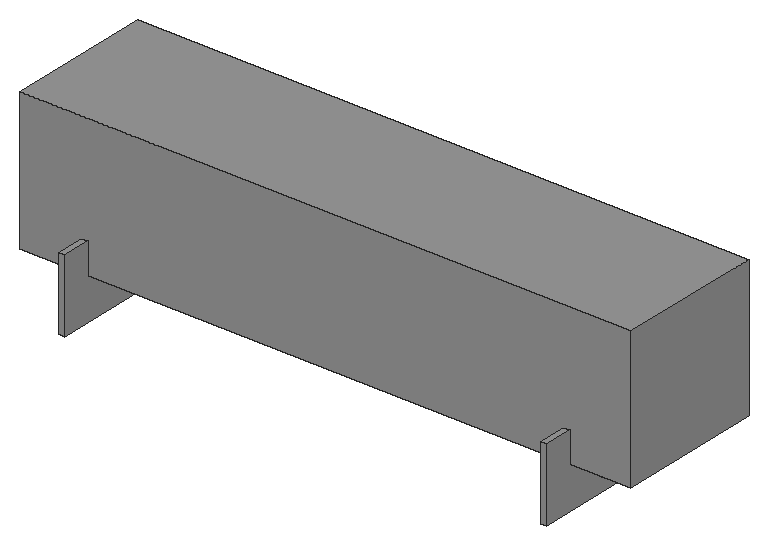
Revit family "Скамейка «Завалинка» Арт 14974", category Антураж, Revit 2018
Family settings
  На основе рабочей плоскости = Нет
  Всегда вертикально = Да
  При загрузке вырезать с полостями = Нет
  Источник визуального образа = Геометрия семейства
  Общий = Нет
  Точка расчета площади = Нет
Parameters (values of type "Скамейка «Завалинка». Версия 2,0 м")
  Ширина = 500 mm  # constant formula
  Цвет опоры = Сталь
  Цвет лавки = Лиственница
  Описание = if([Версия 1,5 м], "Скамейка «Завалинка». Версия 1,5 м", "Скамейка «Завалинка». Версия 2,0 м")  # "Скамейка «Завалинка». Версия 1,5 м"
  Материал изделия = "Сталь, дерево"  # constant formula
  Изображение типоразмера = Скамейка «Завалинка» Арт 14974.jpg
  Изготовитель = "ООО «Хоббика»"  # constant formula
  Длина = if([Версия 1,5 м], 1500 mm, 2000 mm)  # 1500 mm
  Группа модели = "Скамейки"  # constant formula
  Высота = 450 mm  # constant formula
  Версия 2,0 м = not([Версия 1,5 м])  # no
  Версия 1,5 м = yes
  Артикул товара = "Арт. 14974"  # constant formula
  URL = "https://hobbyka.ru/product/skameyka_zavalinka/"
Types (3): name
  (no name)
  Скамейка «Завалинка». Версия 1,5 м
  Скамейка «Завалинка». Версия 2,0 м
Reference planes
  plane 1 "По центру (Вперед/Назад)": y = 0
  plane 2: z = 0
  plane 3 "По центру (Влево/Вправо)": x = 0
  plane 4: y = 500
  plane 5: x = 1500
  plane 6: z = 450
Forms (mm)
  Extrusion 1, solid, material "Лиственница" <- "Цвет лавки"
    sketch origin (0, 0, 0) x (0, 1, 0) y (0, 0, 1)
      loop
        line (430, 450) -> (70, 450) -> (70, 105) -> (430, 105) -> (430, 450)
    from 0 to 1500
Dimensions and locks
  "Длина": plane 3 "По центру (Влево/Вправо)" to plane 5
  "Ширина": plane 4 to plane 1 "По центру (Вперед/Назад)"
  locked: plane 3 "По центру (Влево/Вправо)" to nested 1 at 150
  locked: nested 2 to plane 5 at 150
  "Высота": plane 6 to level
  aligned and locked: level to plane 2
  aligned and locked: Extrusion 1 to plane 3 "По центру (Влево/Вправо)"
  aligned and locked: plane 5 to Extrusion 1
Automatic sketch dimensions
  Extrusion 1 sketch curve to plane 6 = 0 mm
  Extrusion 1 sketch curve to plane 1 "По центру (Вперед/Назад)" = 70 mm
  Extrusion 1 sketch curve to plane 4 = 70 mm
  level to Extrusion 1 sketch curve = 105 mm
Nested families
  nested 1: "Скамейка «Завалинка» Арт 14974 опора" at (150, 0, 0), type "Скамейка «Завалинка» Арт 14974 опора"
  nested 2: "Скамейка «Завалинка» Арт 14974 опора" at (1350, 0, 0) x (-1, 0, 0) z (0, 0, 1), type "Скамейка «Завалинка» Арт 14974 опора"
Definition of nested family "Скамейка «Завалинка» Арт 14974 опора"
  Parameters (values of type "Скамейка «Завалинка» Арт 14974 опора")
    Цвет опор = none
    Height = 0 mm
  Reference planes
    plane 1 "По центру (Вперед/Назад)": y = 0
    plane 2: z = 0
    plane 3 "По центру (Влево/Вправо)": x = 0
  Forms (mm)
    Extrusion 1, solid, material <- "Цвет опор"
      sketch origin (0, 0, 0) x (0, 1, 0) y (0, 0, 1)
        loop
          line (0, 180) -> (0, 0) -> (500, 0) -> (500, 180) -> (0, 180)
      from 0 to 15
    Extrusion 2, solid, material <- "Цвет опор"
      sketch origin (0, 0, 0) x (0, 1, 0) y (0, 0, 1)
        loop
          line (400, 105) -> (100, 105) -> (100, 95) -> (400, 95) -> (400, 105)
      from -80 to 95
    Extrusion 3, solid, material <- "Цвет опор"
      sketch origin (0, 0, 0) x (1, 0, 0) y (0, 0, 1)
        loop
          line (-80, 95) -> (0, 32.497) -> (15, 32.497) -> (95, 95) -> (-80, 95)
      from -165 to -170
    Extrusion 4, solid, material <- "Цвет опор"
      sketch origin (0, 0, 0) x (1, 0, 0) y (0, 0, 1)
        loop
          line (-80, 95) -> (0, 32.497) -> (15, 32.497) -> (95, 95) -> (-80, 95)
      from -330 to -335
  Cuts and joins
    joined: Extrusion 1, Extrusion 2, Extrusion 3, Extrusion 4
  Dimensions and locks
    aligned and locked: level to plane 2
